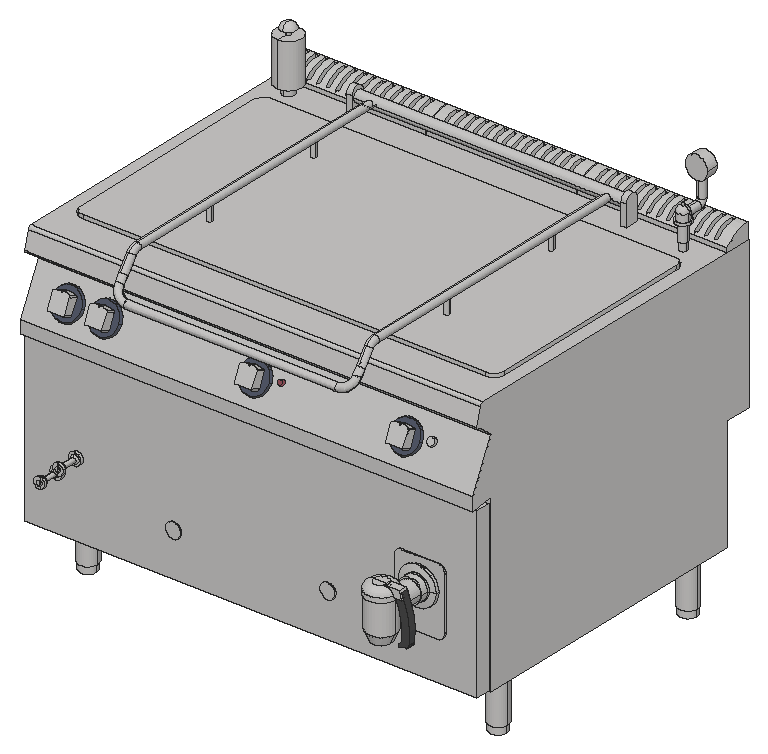
Revit family "QF_ZANUSSI_392105_Z9BSGLIUFE", category Specialty Equipment, Revit 2018
Family settings
  Round Connector Dimension = Use Diameter
  Part Type = Normal
  Work Plane-Based = No
  Always vertical = Yes
  Cut with Voids When Loaded = No
  Shared = No
  Room Calculation Point = No
Parameters
  Width = 1200 mm  # constant formula
  Weight in Pounds = 222  # constant formula
  Weight = 0.00 kg
  Watts = 0 W
  Waste Water Discharge Temperature [instance] = -459.67 °F
  Volts = 230 V  # constant formula
  URL Manufacturer = "http://www.zanussiprofessional.com"
  URL Cutsheet = "www.electrolux.com"
  URL = "http://www.zanussiprofessional.com"
  Type Mark [instance] = ""
  Steam Supply Size = 0"
  Steam Supply Minimum Pressure = 0.00 psi
  Steam Supply Maximum Pressure = 0.00 psi
  Steam Pounds per Hour = 0
  Status [instance] = ""
  Specification by User [instance] = ""
  Specification by Manufacturer = ""
  Show Logo [instance] = yes
  Show Clearance [instance] = yes
  Serial Number = ""
  Seismic Rating = ""
  SMACNA No = ""
  Revision Code [instance] = ""
  Refrigeration Suction Line Size = 0"
  Refrigeration Liquid Line Size = 0"
  Refrigerant Compressor Remote = yes
  Plumbing Remarks [instance] = ""
  Plumbing Connection Type [instance] = ""
  Phase = 1
  Omniclass Number and Title = ""
  Number of Poles [instance] = 1
  NAFEM Spec ID Number = ""
  Model = "Z9BSGLIUFE"
  Min Ckt Ampacity = 0 A
  Mechanical Remarks [instance] = ""
  Mechanical Connection Type [instance] = ""
  Max Overcurrent Protection = 0 A
  Masterspec = ""
  Manufacturer = "Zanussi"
  Length Actual = 1200 mm  # constant formula
  Item Number [instance] = "392105"
  Installed By [instance] = ""
  Indirect Waste Size = 1"
  Indirect Waste Flow [instance] = 0 GPM
  Indirect Waste Connection Type [instance] = ""
  Indirect Waste Connection Height [instance] = 0 mm
  Identify Quantity as Lot [instance] = yes
  Hot Water Temperature [instance] = -459.67 °F
  Hot Water Size = 1/2"
  Hot Water RI Height [instance] = 0 mm
  Hot Water Minimum Pressure = 0.00 psi
  Hot Water Maximum Pressure = 0.00 psi
  Hot Water Flow [instance] = 0 GPM
  Hot Water Consumption = 0 GPM
  Hot Water Connection Height = 0 mm
  Height Actual = 850 mm  # constant formula
  Height = 850 mm  # constant formula
  HP = "0.1 HP"
  Gas Size = 3/4"
  Gas RI Height [instance] = 0 mm
  Gas KW [instance] = 35  # constant formula
  Gas Input [instance] = 119315.0 Btu/h  # constant formula
  Gas Connection Height = 0 mm
  Furnished By [instance] = ""
  Foodservice Equipment Identifier [instance] = yes
  FL Amps = if(Phase = 3, Watts / (Volts * 1.73), Watts / Volts)  # 0 A
  Electrical Remarks [instance] = "230 V/1N ph/50/60 Hz"  # constant formula
  Electric Connection Type [instance] = ""
  Elec Conn RI Height [instance] = 0 mm
  Elec Conn Connection Height [instance] = 0 mm
  Direct Waste Size = 1/2"
  Description = "250LT GAS RECT.BOILING PAN-INDIR.HEATING"
  Depth Actual = 900 mm  # constant formula
  Depth = 915 mm  # constant formula
  Cycle [instance] = if([60 Hertz Option], 60 Hz, 50 Hz)  # 60 Hz
  Conn Plug = ""
  Conn Conduit = yes
  Condensate Return Size = 0"
  Compressed Air Volume = 0 GPM
  Compressed Air Size = 0"
  Compressed Air Pressure = 0.00 psi
  Cold Water Temperature Recommended [instance] = -459.67 °F
  Cold Water Size = 1/2"
  Cold Water RI Height [instance] = 0 mm
  Cold Water Minimum Pressure = 0.00 psi
  Cold Water Maximum Pressure = 0.00 psi
  Cold Water Flow [instance] = 0 GPM
  Cold Water Consumption = ""
  Cold Water Connection Height = 0 mm
  CSI MasterFormat = ""
  CSI Master Format = ""
  Apparent Power = if(Phase = 3, Volts * FL Amps * 1.73, Volts * FL Amps)  # 0 VA
  Accessory = yes
  60 Hertz Option [instance] = not([50 Hertz Option])  # yes
  50 Hertz Option [instance] = no
Reference planes
  plane 1 "BACK": y = 0
  plane 2: z = 0
  plane 3 "LEFT": x = 0
  plane 4 "RIGHT": x = 1200
  plane 5 "FRONT": y = -915
  plane 6 "TOP": z = 850
  plane 7 "Center Y": x = 600
  plane 8 "Center X": y = -457.5
  plane 9: z = 1734
  plane 10: z = 150
  plane 11: y = -130
  plane 12: y = -760
  plane 13: y = -1015
  plane 14: x = 56
  plane 15: x = 1144
  plane 16: x = 1060
  plane 17: x = 100
  plane 18: x = 160
Forms (mm)
  Extrusion 1, solid, material "QF_Finishes_Stainless Steel"
    sketch origin (0, 0, 576.213) x (0, 1, 0) y (0, 0, 1)
      loop
        line (0, -126.175) -> (0, 273.788) -> (-879.358, 273.788)
        arc (-879.358, 273.788) -> (-884.643, 271.598) -> (-886.833, 266.313) r 7.474
        line (-886.833, 266.313) -> (-899.884, 220.798)
        arc (-899.884, 220.798) -> (-899.396, 218.166) -> (-897, 216.971) r 3
        line (-897, 216.971) -> (-886.802, 216.971) -> (-854.982, 185.152) -> (-915, 64.296) -> (-915, 29.296) -> (-858.645, 37.216)
        arc (-858.645, 37.216) -> (-856.101, 36.462) -> (-855, 34.047) r 3.2
        line (-855, 34.047) -> (-855, -426.212) -> (-71.437, -426.212) -> (-71.437, -126.175) -> (0, -126.175)
      loop
        line (-900, 23.788) -> (-900, -421.212) -> (-860, -421.212) -> (-860, 23.788) -> (-900, 23.788)
    from 0 to 1200
  Revolve 2, solid, material "QF_Finishes_Stainless Steel"
    sketch origin (1, -130, 0) x (1, 0, 0) y (0, 0, 1)
      loop
        line (55, 0) -> (55, 150) -> (29.6, 150) -> (29.6, 19.05) -> (32.1, 19.05) -> (32.1, 0) -> (55, 0)
      axis (55, 0) -> (55, 150)
    angle from 0 to 360
  Revolve 3, solid, material "QF_Finishes_Stainless Steel"
    sketch origin (1, -760, 0) x (1, 0, 0) y (0, 0, 1)
      loop
        line (55, 0) -> (55, 150) -> (29.6, 150) -> (29.6, 19.05) -> (32.1, 19.05) -> (32.1, 0) -> (55, 0)
      axis (55, 0) -> (55, 150)
    angle from 0 to 360
  Revolve 4, solid, material "QF_Finishes_Stainless Steel"
    sketch origin (1199, -130, 0) x (-1, 0, 0) y (0, 0, -1)
      loop
        line (55, 0) -> (32.1, 0) -> (32.1, -19.05) -> (29.6, -19.05) -> (29.6, -150) -> (55, -150) -> (55, 0)
      axis (55, 0) -> (55, -150)
    angle from 0 to 360
  Revolve 5, solid, material "QF_Finishes_Stainless Steel"
    sketch origin (1199, -760, 0) x (-1, 0, 0) y (0, 0, -1)
      loop
        line (55, 0) -> (32.1, 0) -> (32.1, -19.05) -> (29.6, -19.05) -> (29.6, -150) -> (55, -150) -> (55, 0)
      axis (55, 0) -> (55, -150)
    angle from 0 to 360
  Extrusion 6, solid, material "QF_Finishes_Stainless Steel"
    sketch origin (0, 0, 560.363) x (0, 1, 0) y (0, 0, 1)
      loop
        line (0, 289.638) -> (0, 331.738)
        arc (0, 331.738) -> (-38.857, 324.552) -> (-69.85, 300.038) r 82.056
        line (-69.85, 300.038) -> (-69.85, 289.638) -> (0, 289.638)
    from 0 to 400
  Extrusion 7, void
    sketch origin (0, 0, 835) x (0, -1, 0) y (1, 0, 0)
      loop
        line (6.761, 29.703) -> (63.911, 29.703) -> (63.911, 38.999) -> (6.761, 38.999) -> (6.761, 29.703)
      loop
        line (63.911, 64.487) -> (6.761, 64.487) -> (6.761, 55.191) -> (63.911, 55.191) -> (63.911, 64.487)
      loop
        line (63.911, 89.975) -> (6.761, 89.975) -> (6.761, 80.68) -> (63.911, 80.68) -> (63.911, 89.975)
      loop
        line (63.911, 115.464) -> (6.761, 115.464) -> (6.761, 106.168) -> (63.911, 106.168) -> (63.911, 115.464)
      loop
        line (63.911, 140.952) -> (6.761, 140.952) -> (6.761, 131.656) -> (63.911, 131.656) -> (63.911, 140.952)
      loop
        line (63.911, 166.44) -> (6.761, 166.44) -> (6.761, 157.145) -> (63.911, 157.145) -> (63.911, 166.44)
      loop
        line (63.911, 191.929) -> (6.761, 191.929) -> (6.761, 182.633) -> (63.911, 182.633) -> (63.911, 191.929)
      loop
        line (63.911, 217.417) -> (6.761, 217.417) -> (6.761, 208.121) -> (63.911, 208.121) -> (63.911, 217.417)
      loop
        line (63.911, 242.905) -> (6.761, 242.905) -> (6.761, 233.61) -> (63.911, 233.61) -> (63.911, 242.905)
      loop
        line (63.911, 268.394) -> (6.761, 268.394) -> (6.761, 259.098) -> (63.911, 259.098) -> (63.911, 268.394)
      loop
        line (63.911, 293.882) -> (6.761, 293.882) -> (6.761, 284.586) -> (63.911, 284.586) -> (63.911, 293.882)
      loop
        line (63.911, 319.37) -> (6.761, 319.37) -> (6.761, 310.075) -> (63.911, 310.075) -> (63.911, 319.37)
      loop
        line (63.911, 344.859) -> (6.761, 344.859) -> (6.761, 335.563) -> (63.911, 335.563) -> (63.911, 344.859)
      loop
        line (63.911, 370.347) -> (6.761, 370.347) -> (6.761, 361.051) -> (63.911, 361.051) -> (63.911, 370.347)
    from 25.4 to 63.5
  Extrusion 8, solid, material "QF_Finishes_Red"
    sketch origin (351.939, -909.714, 651.153) x (0, 0.444781, 0.895639) y (-1, 0, 0)
      loop
        circle (65.471, -315.169) r 6.35
    from 0 to 6
  Extrusion 9, solid, material "QF_Finishes_Stainless Steel"
    sketch origin (0, -900, 592.071) x (0, 0, 1) y (-1, 0, 0)
      loop
        circle (-320.2, -394.973) r 20
      loop
        circle (-320.2, -805.027) r 20
    from 0 to 1.6
  Extrusion 10, solid, material "QF_Finishes_Stainless Steel"
    sketch origin (650, -900, 592.071) x (0, 0, 1) y (-1, 0, 0)
      loop
        arc (-150.774, -353.125) -> (-156.632, -338.983) -> (-170.774, -333.125) r 20
        line (-170.774, -333.125) -> (-310.774, -333.125)
        arc (-310.774, -333.125) -> (-324.916, -338.983) -> (-330.774, -353.125) r 20
        line (-330.774, -353.125) -> (-330.774, -446.875)
        arc (-330.774, -446.875) -> (-324.916, -461.017) -> (-310.774, -466.875) r 20
        line (-310.774, -466.875) -> (-170.774, -466.875)
        arc (-170.774, -466.875) -> (-156.632, -461.017) -> (-150.774, -446.875) r 20
        line (-150.774, -446.875) -> (-150.774, -353.125)
    from 0 to 3.2
  Revolve 11, solid, material "QF_Finishes_Stainless Steel"
    sketch origin (700, -142.372, 373.218) x (1, 0, 0) y (0, 1, 0)
      loop
        line (350, -760.828) -> (350, -864.845) -> (377.31, -864.845) -> (377.31, -792.326) -> (381.52, -792.326) -> (381.52, -773.802) -> (383.56, -773.802) -> (383.56, -770.903) -> (400.479, -767.307) -> (400.479, -760.828) -> (350, -760.828)
      axis (350, -864.845) -> (350, -760.828)
    angle from 0 to 360
  Revolve 12, solid, material "QF_Finishes_Stainless Steel"
    sketch origin (700, -1029.961, -175.451) x (1, 0, 0) y (0, 0, 1)
      loop
        line (387.487, 584.414) -> (391.109, 584.414) -> (391.109, 596.458)
        arc (391.109, 596.458) -> (383.595, 608.72) -> (370.039, 613.521) r 21.541
        line (370.039, 613.521) -> (350, 613.521) -> (350, 475.451) -> (376.476, 475.451) -> (387.487, 500.451) -> (387.487, 584.414)
      axis (350, 475.451) -> (350, 613.521)
    angle from 0 to 360
  Extrusion 13, solid, material "QF_Finishes_Black"
    sketch origin (650, -944.961, 35) x (1, 0, 0) y (0, 0, 1)
      loop
        arc (462.072, 282.761) -> (458.739, 279.204) -> (454.343, 277.096) r 13.226
        arc (454.343, 277.096) -> (451.562, 273.099) -> (455.036, 269.686) r 3.774
        line (455.036, 269.686) -> (472.172, 272.033)
        arc (472.172, 272.033) -> (478.889, 276.04) -> (480.667, 283.655) r 10
        arc (480.667, 283.655) -> (479.826, 343.081) -> (460.542, 399.297) r 188.693
        line (460.542, 399.297) -> (438.183, 399.297)
        arc (438.183, 399.297) -> (458.444, 342.734) -> (462.072, 282.761) r 212.616
    from 77.064 to 92.936
  Extrusion 14, solid, material "QF_Finishes_Stainless Steel"
    sketch origin (650, -944.961, 35) x (1, 0, 0) y (0, 0, 1)
      loop
        line (436.837, 382.461) -> (463.876, 382.461)
        arc (463.876, 382.461) -> (461.091, 393.228) -> (456.741, 403.464) r 74.823
        line (456.741, 403.464) -> (415.663, 403.464)
        arc (415.663, 403.464) -> (428.508, 395.239) -> (436.837, 382.461) r 36.276
    from 74.362 to 95.975
  Revolve 15, solid, material "QF_Finishes_Stainless Steel"
    sketch origin (138.599, -14.961, -92.295) x (0, 1, 0) y (0, 0, 1)
      loop
        line (-885, 446.296) -> (-950.345, 446.296) -> (-950.345, 440.585) -> (-947.863, 440.585) -> (-947.863, 431.892) -> (-942.863, 431.892) -> (-942.863, 435.145) -> (-937.863, 435.145) -> (-937.863, 440.585) -> (-897.544, 440.585)
        arc (-897.544, 440.585) -> (-895.281, 437.945) -> (-892.228, 436.28) r 9.637
        line (-892.228, 436.28) -> (-892.228, 429.925) -> (-885, 429.925) -> (-885, 446.296)
      axis (-950.345, 446.296) -> (-885, 446.296)
    angle from 0 to 360
  Revolve 16, solid, material "QF_Finishes_Stainless Steel"
    sketch origin (89.102, -14.961, -141.793) x (0, 1, 0) y (0, 0, 1)
      loop
        line (-885, 446.296) -> (-950.345, 446.296) -> (-950.345, 440.585) -> (-947.863, 440.585) -> (-947.863, 431.892) -> (-942.863, 431.892) -> (-942.863, 435.145) -> (-937.863, 435.145) -> (-937.863, 440.585) -> (-897.544, 440.585)
        arc (-897.544, 440.585) -> (-895.281, 437.945) -> (-892.228, 436.28) r 9.637
        line (-892.228, 436.28) -> (-892.228, 429.925) -> (-885, 429.925) -> (-885, 446.296)
      axis (-950.345, 446.296) -> (-885, 446.296)
    angle from 0 to 360
  Extrusion 17, solid, material "QF_Finishes_Stainless Steel"
    sketch origin (400, 0, 560.363) x (0, 1, 0) y (0, 0, 1)
      loop
        line (0, 289.638) -> (0, 331.738)
        arc (0, 331.738) -> (-38.857, 324.552) -> (-69.85, 300.038) r 82.056
        line (-69.85, 300.038) -> (-69.85, 289.638) -> (0, 289.638)
    from 0 to 400
  Extrusion 18, void
    sketch origin (400, 0, 835) x (0, -1, 0) y (1, 0, 0)
      loop
        line (6.761, 29.703) -> (63.911, 29.703) -> (63.911, 38.999) -> (6.761, 38.999) -> (6.761, 29.703)
      loop
        line (63.911, 64.487) -> (6.761, 64.487) -> (6.761, 55.191) -> (63.911, 55.191) -> (63.911, 64.487)
      loop
        line (63.911, 89.975) -> (6.761, 89.975) -> (6.761, 80.68) -> (63.911, 80.68) -> (63.911, 89.975)
      loop
        line (63.911, 115.464) -> (6.761, 115.464) -> (6.761, 106.168) -> (63.911, 106.168) -> (63.911, 115.464)
      loop
        line (63.911, 140.952) -> (6.761, 140.952) -> (6.761, 131.656) -> (63.911, 131.656) -> (63.911, 140.952)
      loop
        line (63.911, 166.44) -> (6.761, 166.44) -> (6.761, 157.145) -> (63.911, 157.145) -> (63.911, 166.44)
      loop
        line (63.911, 191.929) -> (6.761, 191.929) -> (6.761, 182.633) -> (63.911, 182.633) -> (63.911, 191.929)
      loop
        line (63.911, 217.417) -> (6.761, 217.417) -> (6.761, 208.121) -> (63.911, 208.121) -> (63.911, 217.417)
      loop
        line (63.911, 242.905) -> (6.761, 242.905) -> (6.761, 233.61) -> (63.911, 233.61) -> (63.911, 242.905)
      loop
        line (63.911, 268.394) -> (6.761, 268.394) -> (6.761, 259.098) -> (63.911, 259.098) -> (63.911, 268.394)
      loop
        line (63.911, 293.882) -> (6.761, 293.882) -> (6.761, 284.586) -> (63.911, 284.586) -> (63.911, 293.882)
      loop
        line (63.911, 319.37) -> (6.761, 319.37) -> (6.761, 310.075) -> (63.911, 310.075) -> (63.911, 319.37)
      loop
        line (63.911, 344.859) -> (6.761, 344.859) -> (6.761, 335.563) -> (63.911, 335.563) -> (63.911, 344.859)
      loop
        line (63.911, 370.347) -> (6.761, 370.347) -> (6.761, 361.051) -> (63.911, 361.051) -> (63.911, 370.347)
    from 25.4 to 63.5
  Extrusion 19, solid, material "QF_Finishes_Stainless Steel"
    sketch origin (800, 0, 560.363) x (0, 1, 0) y (0, 0, 1)
      loop
        line (0, 289.638) -> (0, 331.738)
        arc (0, 331.738) -> (-38.857, 324.552) -> (-69.85, 300.038) r 82.056
        line (-69.85, 300.038) -> (-69.85, 289.638) -> (0, 289.638)
    from 0 to 400
  Extrusion 20, void
    sketch origin (800, 0, 835) x (0, -1, 0) y (1, 0, 0)
      loop
        line (6.761, 29.703) -> (63.911, 29.703) -> (63.911, 38.999) -> (6.761, 38.999) -> (6.761, 29.703)
      loop
        line (63.911, 64.487) -> (6.761, 64.487) -> (6.761, 55.191) -> (63.911, 55.191) -> (63.911, 64.487)
      loop
        line (63.911, 89.975) -> (6.761, 89.975) -> (6.761, 80.68) -> (63.911, 80.68) -> (63.911, 89.975)
      loop
        line (63.911, 115.464) -> (6.761, 115.464) -> (6.761, 106.168) -> (63.911, 106.168) -> (63.911, 115.464)
      loop
        line (63.911, 140.952) -> (6.761, 140.952) -> (6.761, 131.656) -> (63.911, 131.656) -> (63.911, 140.952)
      loop
        line (63.911, 166.44) -> (6.761, 166.44) -> (6.761, 157.145) -> (63.911, 157.145) -> (63.911, 166.44)
      loop
        line (63.911, 191.929) -> (6.761, 191.929) -> (6.761, 182.633) -> (63.911, 182.633) -> (63.911, 191.929)
      loop
        line (63.911, 217.417) -> (6.761, 217.417) -> (6.761, 208.121) -> (63.911, 208.121) -> (63.911, 217.417)
      loop
        line (63.911, 242.905) -> (6.761, 242.905) -> (6.761, 233.61) -> (63.911, 233.61) -> (63.911, 242.905)
      loop
        line (63.911, 268.394) -> (6.761, 268.394) -> (6.761, 259.098) -> (63.911, 259.098) -> (63.911, 268.394)
      loop
        line (63.911, 293.882) -> (6.761, 293.882) -> (6.761, 284.586) -> (63.911, 284.586) -> (63.911, 293.882)
      loop
        line (63.911, 319.37) -> (6.761, 319.37) -> (6.761, 310.075) -> (63.911, 310.075) -> (63.911, 319.37)
      loop
        line (63.911, 344.859) -> (6.761, 344.859) -> (6.761, 335.563) -> (63.911, 335.563) -> (63.911, 344.859)
      loop
        line (63.911, 370.347) -> (6.761, 370.347) -> (6.761, 361.051) -> (63.911, 361.051) -> (63.911, 370.347)
    from 25.4 to 63.5
  Extrusion 21, solid, material "QF_Finishes_Stainless Steel"
    sketch origin (771.071, 3.488, 39.209) x (0, 1, 0) y (0, 0, -1)
      loop
        line (-86.2, -810.791) -> (-120.988, -810.791) -> (-120.988, -867.861)
        arc (-120.988, -867.861) -> (-103.594, -885.255) -> (-86.2, -867.861) r 17.394
        line (-86.2, -867.861) -> (-86.2, -810.791)
    from 527.978 to 542.561
  Extrusion 22, solid, material "QF_Finishes_Stainless Steel"
    sketch origin (428.929, 3.488, 39.209) x (0, 1, 0) y (0, 0, 1)
      loop
        line (-86.2, 810.791) -> (-86.2, 867.861)
        arc (-86.2, 867.861) -> (-103.594, 885.255) -> (-120.988, 867.861) r 17.394
        line (-120.988, 867.861) -> (-120.988, 810.791) -> (-86.2, 810.791)
    from 527.978 to 542.561
  Extrusion 23, void
    sketch origin (0, 0, 0) x (1, 0, 0) y (0, 1, 0)
      loop
        line (46.71, -190.49) -> (46.71, -760.931)
        arc (46.71, -760.931) -> (52.568, -775.073) -> (66.71, -780.931) r 20
        line (66.71, -780.931) -> (1133.29, -780.931)
        arc (1133.29, -780.931) -> (1147.432, -775.073) -> (1153.29, -760.931) r 20
        line (1153.29, -760.931) -> (1153.29, -190.49)
        arc (1153.29, -190.49) -> (1147.432, -176.348) -> (1133.29, -170.49) r 20
        line (1133.29, -170.49) -> (66.71, -170.49)
        arc (66.71, -170.49) -> (52.568, -176.348) -> (46.71, -190.49) r 20
    from 449 to 830.033
  Extrusion 24, void
    sketch origin (0, 0, 0) x (1, 0, 0) y (0, 1, 0)
      loop
        arc (66.71, -158.49) -> (44.082, -167.862) -> (34.71, -190.49) r 32
        line (34.71, -190.49) -> (34.71, -760.931)
        arc (34.71, -760.931) -> (44.082, -783.558) -> (66.71, -792.931) r 32
        line (66.71, -792.931) -> (1133.29, -792.931)
        arc (1133.29, -792.931) -> (1155.918, -783.558) -> (1165.29, -760.931) r 32
        line (1165.29, -760.931) -> (1165.29, -190.49)
        arc (1165.29, -190.49) -> (1155.918, -167.862) -> (1133.29, -158.49) r 32
        line (1133.29, -158.49) -> (66.71, -158.49)
    from 830.033 to 850
  Extrusion 25, solid, material "QF_Finishes_Stainless Steel"
    sketch origin (0, 0, 830.033) x (1, 0, 0) y (0, 1, 0)
      loop
        arc (66.71, -162.49) -> (46.911, -170.691) -> (38.71, -190.49) r 28
        line (38.71, -190.49) -> (38.71, -760.931)
        arc (38.71, -760.931) -> (46.911, -780.73) -> (66.71, -788.931) r 28
        line (66.71, -788.931) -> (1133.29, -788.931)
        arc (1133.29, -788.931) -> (1153.089, -780.73) -> (1161.29, -760.931) r 28
        line (1161.29, -760.931) -> (1161.29, -190.49)
        arc (1161.29, -190.49) -> (1153.089, -170.691) -> (1133.29, -162.49) r 28
        line (1133.29, -162.49) -> (66.71, -162.49)
    from 0 to 27.767
  Extrusion 26, solid, material "QF_Finishes_Stainless Steel"
    sketch origin (45, 3.488, -26.168) x (0, 1, 0) y (0, 0, 1)
      loop
        circle (-103.594, 927.13) r 15
    from 198.093 to 911.907
  Sweep 27, solid, material "QF_Finishes_Stainless Steel"
    path origin (0, 0, 0) x (0, 1, 0) y (0, 0, 1)
      loop
        line (-100.106, 900.961) -> (-882.203, 900.961)
        arc (-882.203, 900.961) -> (-893.553, 898.236) -> (-902.428, 890.656) r 25
        line (-902.428, 890.656) -> (-928.879, 854.25)
    profile origin (0, -491.154, 900.961) x (0, 0, -1) y (1, 0, 0)
      loop
        circle (0, 284.79) r 9.5
      loop
        circle (0, 915.21) r 9.5
  Sweep 28, solid, material "QF_Finishes_Stainless Steel"
    path origin (0, -1437.357, 154.39) x (1, 0, 0) y (0, 0.587785, 0.809017)
      loop
        line (284.79, 865.075) -> (284.79, 845.075)
        arc (284.79, 845.075) -> (295.041, 820.326) -> (319.79, 810.075) r 35
        line (319.79, 810.075) -> (880.21, 810.075)
        arc (880.21, 810.075) -> (904.959, 820.326) -> (915.21, 845.075) r 35
        line (915.21, 845.075) -> (915.21, 865.075)
    profile origin (600, -961.207, 809.754) x (0, 0.587785, 0.809017) y (0, -0.809017, 0.587785)
      loop
        circle (0, 0) r 9.5
  Extrusion 29, solid, material "QF_Finishes_Stainless Steel"
    sketch origin (0, 0, 857.8) x (1, 0, 0) y (0, 1, 0)
      loop
        circle (284.79, -643.128) r 6
      loop
        circle (915.21, -643.128) r 6
      loop
        circle (284.79, -296.872) r 6
      loop
        circle (915.21, -296.872) r 6
    from 0 to 43.897
  Extrusion 30, solid, material "QF_Clearances", visible <- "Show Clearance", detail levels coarse
    sketch origin (0, -143.767, 786.306) x (1, 0, 0) y (0, 0.249903, -0.968271)
      loop
        arc (66.71, -162.49) -> (46.911, -170.691) -> (38.71, -190.49) r 28
        line (38.71, -190.49) -> (38.71, -760.931)
        arc (38.71, -760.931) -> (46.911, -780.73) -> (66.71, -788.931) r 28
        line (66.71, -788.931) -> (1133.29, -788.931)
        arc (1133.29, -788.931) -> (1153.089, -780.73) -> (1161.29, -760.931) r 28
        line (1161.29, -760.931) -> (1161.29, -190.49)
        arc (1161.29, -190.49) -> (1153.089, -170.691) -> (1133.29, -162.49) r 28
        line (1133.29, -162.49) -> (66.71, -162.49)
    from 0 to 27.767
  Sweep 31, solid, material "QF_Clearances", visible <- "Show Clearance", detail levels coarse
    path origin (0, -947.464, 578.878) x (0, 0.249903, -0.968271) y (0, 0.968271, 0.249903)
      loop
        line (-98.232, 908.223) -> (-895.328, 908.223)
        arc (-895.328, 908.223) -> (-906.678, 905.498) -> (-915.554, 897.918) r 25
        line (-915.554, 897.918) -> (-942.004, 861.512)
    profile origin (0, -192.205, 1286.864) x (0, -0.968271, -0.249903) y (1, 0, 0)
      loop
        circle (0, 284.79) r 9.5
      loop
        circle (0, 915.21) r 9.5
  Sweep 32, solid, material "QF_Clearances", visible <- "Show Clearance", detail levels coarse
    path origin (0, -1160.921, 2023.736) x (1, 0, 0) y (0, 0.930237, -0.36696)
      loop
        line (284.79, 865.075) -> (284.79, 845.075)
        arc (284.79, 845.075) -> (295.041, 820.326) -> (319.79, 810.075) r 35
        line (319.79, 810.075) -> (880.21, 810.075)
        arc (880.21, 810.075) -> (904.959, 820.326) -> (915.21, 845.075) r 35
        line (915.21, 845.075) -> (915.21, 865.075)
    profile origin (600, -407.359, 1726.471) x (0, 0.930237, -0.36696) y (0, 0.36696, 0.930237)
      loop
        circle (0, 0) r 9.5
  Extrusion 33, solid, material "QF_Clearances", visible <- "Show Clearance", detail levels coarse
    sketch origin (0, -116.881, 793.245) x (1, 0, 0) y (0, 0.249903, -0.968271)
      loop
        circle (284.79, -643.128) r 6
      loop
        circle (915.21, -643.128) r 6
      loop
        circle (284.79, -296.872) r 6
      loop
        circle (915.21, -296.872) r 6
    from 0 to 43.897
  Revolve 34, solid, material "QF_Finishes_Stainless Steel"
    sketch origin (67.5, 0, 0) x (0, 1, 0) y (0, 0, 1)
      loop
        line (-110, 850) -> (-110, 1020)
        arc (-110, 1020) -> (-122.5, 1015.833) -> (-130, 1005) r 20.833
        line (-130, 1005) -> (-115, 1005) -> (-115, 990) -> (-145, 990) -> (-145, 875) -> (-125, 875) -> (-125, 850) -> (-110, 850)
      axis (-110, 850) -> (-110, 1020)
    angle from 0 to 360
  Revolve 35, solid, material "QF_Finishes_Stainless Steel"
    sketch origin (-5, -115, 0) x (1, 0, 0) y (0, 0, 1)
      loop
        line (1124, 850) -> (1134, 850) -> (1134, 871.175) -> (1135.563, 871.175) -> (1135.563, 916.175) -> (1144, 916.175) -> (1144, 921.175) -> (1139, 921.175) -> (1139, 939.925)
        arc (1139, 939.925) -> (1135.372, 949.706) -> (1126.244, 954.756) r 15
        line (1126.244, 954.756) -> (1126.244, 960) -> (1124, 960) -> (1124, 850)
      axis (1124, 850) -> (1124, 960)
    angle from 0 to 360
  Sweep 36, solid, material "QF_Finishes_Stainless Steel"
    path origin (1119, 0, 0) x (0, 1, 0) y (0, 0, 1)
      loop
        line (-115.106, 932.5) -> (-67.659, 932.5)
        arc (-67.659, 932.5) -> (-57.052, 936.893) -> (-52.659, 947.5) r 15
        line (-52.659, 947.5) -> (-52.659, 997.5)
    profile origin (1119, -91.383, 932.5) x (0, 0, 1) y (1, 0, 0)
      loop
        circle (0, 0) r 10
  Extrusion 37, solid, material "QF_Finishes_Stainless Steel"
    sketch origin (0, 0, 0) x (1, 0, 0) y (0, 0, 1)
      loop
        circle (1119, 1024.375) r 30
    from 40.421 to 69.85
  Extrusion 38, solid, material "QF_Finishes_Stainless Steel"
    sketch origin (0, -836.569, 150) x (1, 0, 0) y (0, -1, 0)
      loop
        circle (1060, -32.269) r 6.35
    from 0 to 13
  Extrusion 39, solid, material "QF_Finishes_Stainless Steel"
    sketch origin (0, -836.569, 150) x (1, 0, 0) y (0, -1, 0)
      loop
        circle (100, -132.269) r 9.525
      loop
        circle (160, -32.269) r 9.525
      loop
        circle (140, -102.269) r 12.7
    from 0 to 13
  Extrusion 40, solid, material "QF_Clearances", visible <- "Show Clearance", detail levels coarse
    sketch origin (0, 0, 0) x (1, 0, 0) y (0, 1, 0)
      loop
        line (0, -915) -> (0, 0) -> (1200, 0) -> (1200, -915) -> (1250, -915) -> (1250, 50) -> (-50, 50) -> (-50, -915) -> (0, -915)
    from 0 to 892.1
  Extrusion 41, solid, material "QF_Plastic-Black-Matte"
    sketch origin (44.957, -884.991, 700.936) x (0, 0.444781, 0.895639) y (0, 0.895639, -0.444781)
      loop
        line (26.984, -34) -> (23.984, -34) -> (23.984, -35) -> (26.984, -35)
        arc (26.984, -35) -> (27.691, -34.707) -> (27.984, -34) r 1
        line (27.984, -34) -> (27.984, -19) -> (26.984, -19) -> (26.984, -34)
    from -58.5 to -56.5
  Extrusion 42, solid, material "QF_Finishes_Stainless Steel"
    sketch origin (102.457, -884.991, 700.936) x (-1, 0, 0) y (0, -0.444781, -0.895639)
      loop
        line (17.5, -17.5) -> (17.5, 17.5) -> (-17.5, 17.5) -> (-17.5, -17.5) -> (17.5, -17.5)
    from 5 to 10
  Extrusion 43, solid, material "QF_Finishes_Stainless Steel"
    sketch origin (102.457, -884.991, 700.936) x (-1, 0, 0) y (0, -0.444781, -0.895639)
      loop
        arc (-21.147, -22.789) -> (0, -26.984) -> (21.147, -22.789) r 55.4
        arc (21.147, -22.789) -> (22.494, -21.685) -> (23, -20.019) r 2.997
        line (23, -20.019) -> (23, 20.019)
        arc (23, 20.019) -> (22.122, 22.138) -> (20.003, 23.016) r 2.997
        line (20.003, 23.016) -> (-20.003, 23.016)
        arc (-20.003, 23.016) -> (-22.122, 22.138) -> (-23, 20.019) r 2.997
        line (-23, 20.019) -> (-23, -20.019)
        arc (-23, -20.019) -> (-22.494, -21.685) -> (-21.147, -22.789) r 2.997
    from 10 to 34
  Blend 44, solid, material "QF_Finishes_Navy Blue"
    base sketch origin (102.457, -884.991, 700.936) x (1, 0, 0) y (0, 0.444781, 0.895639)
      loop
        circle (0, 0) r 42.5
    top sketch origin (102.457, -884.991, 700.936) x (1, 0, 0) y (0, 0.444781, 0.895639)
      loop
        circle (0, 0) r 40.5
    from 0 to 5
  Blend 45, solid, material "QF_Finishes_Navy Blue"
    base sketch origin (600, -884.991, 700.936) x (1, 0, 0) y (0, 0.444781, 0.895639)
      loop
        circle (0, 0) r 42.5
    top sketch origin (600, -884.991, 700.936) x (1, 0, 0) y (0, 0.444781, 0.895639)
      loop
        circle (0, 0) r 40.5
    from 0 to 5
  Extrusion 46, solid, material "QF_Finishes_Stainless Steel"
    sketch origin (600, -884.991, 700.936) x (1, 0, 0) y (0, 0.444781, 0.895639)
      loop
        arc (-21.147, 22.789) -> (-22.494, 21.685) -> (-23, 20.019) r 2.997
        line (-23, 20.019) -> (-23, -20.019)
        arc (-23, -20.019) -> (-22.122, -22.138) -> (-20.003, -23.016) r 2.997
        line (-20.003, -23.016) -> (20.003, -23.016)
        arc (20.003, -23.016) -> (22.122, -22.138) -> (23, -20.019) r 2.997
        line (23, -20.019) -> (23, 20.019)
        arc (23, 20.019) -> (22.494, 21.685) -> (21.147, 22.789) r 2.997
        arc (21.147, 22.789) -> (0, 26.984) -> (-21.147, 22.789) r 55.4
    from 10 to 34
  Extrusion 47, solid, material "QF_Finishes_Stainless Steel"
    sketch origin (600, -884.991, 700.936) x (1, 0, 0) y (0, 0.444781, 0.895639)
      loop
        line (17.5, 17.5) -> (-17.5, 17.5) -> (-17.5, -17.5) -> (17.5, -17.5) -> (17.5, 17.5)
    from 5 to 10
  Extrusion 48, solid, material "QF_Plastic-Black-Matte"
    sketch origin (542.5, -884.991, 701.574) x (0, 0.444781, 0.895639) y (0, 0.895639, -0.444781)
      loop
        line (26.413, -33.716) -> (23.413, -33.716) -> (23.413, -34.716) -> (26.413, -34.716)
        arc (26.413, -34.716) -> (27.12, -34.424) -> (27.413, -33.716) r 1
        line (27.413, -33.716) -> (27.413, -18.716) -> (26.413, -18.716) -> (26.413, -33.716)
    from -58.5 to -56.5
  Extrusion 49, solid, material "QF_Plastic-Black-Matte"
    sketch origin (144.286, -884.991, 700.936) x (0, 0.444781, 0.895639) y (0, 0.895639, -0.444781)
      loop
        line (26.984, -34) -> (23.984, -34) -> (23.984, -35) -> (26.984, -35)
        arc (26.984, -35) -> (27.691, -34.707) -> (27.984, -34) r 1
        line (27.984, -34) -> (27.984, -19) -> (26.984, -19) -> (26.984, -34)
    from -58.5 to -56.5
  Extrusion 50, solid, material "QF_Finishes_Stainless Steel"
    sketch origin (201.786, -884.991, 700.936) x (-1, 0, 0) y (0, -0.444781, -0.895639)
      loop
        line (17.5, -17.5) -> (17.5, 17.5) -> (-17.5, 17.5) -> (-17.5, -17.5) -> (17.5, -17.5)
    from 5 to 10
  Extrusion 51, solid, material "QF_Finishes_Stainless Steel"
    sketch origin (201.786, -884.991, 700.936) x (-1, 0, 0) y (0, -0.444781, -0.895639)
      loop
        arc (-21.147, -22.789) -> (0, -26.984) -> (21.147, -22.789) r 55.4
        arc (21.147, -22.789) -> (22.494, -21.685) -> (23, -20.019) r 2.997
        line (23, -20.019) -> (23, 20.019)
        arc (23, 20.019) -> (22.122, 22.138) -> (20.003, 23.016) r 2.997
        line (20.003, 23.016) -> (-20.003, 23.016)
        arc (-20.003, 23.016) -> (-22.122, 22.138) -> (-23, 20.019) r 2.997
        line (-23, 20.019) -> (-23, -20.019)
        arc (-23, -20.019) -> (-22.494, -21.685) -> (-21.147, -22.789) r 2.997
    from 10 to 34
  Blend 52, solid, material "QF_Finishes_Navy Blue"
    base sketch origin (201.786, -884.991, 700.936) x (1, 0, 0) y (0, 0.444781, 0.895639)
      loop
        circle (0, 0) r 42.5
    top sketch origin (201.786, -884.991, 700.936) x (1, 0, 0) y (0, 0.444781, 0.895639)
      loop
        circle (0, 0) r 40.5
    from 0 to 5
  Blend 53, solid, material "QF_Finishes_Navy Blue"
    base sketch origin (1000, -884.991, 700.936) x (1, 0, 0) y (0, 0.444781, 0.895639)
      loop
        circle (0, 0) r 42.5
    top sketch origin (1000, -884.991, 700.936) x (1, 0, 0) y (0, 0.444781, 0.895639)
      loop
        circle (0, 0) r 40.5
    from 0 to 5
  Extrusion 54, solid, material "QF_Finishes_Stainless Steel"
    sketch origin (1000, -884.991, 700.936) x (1, 0, 0) y (0, 0.444781, 0.895639)
      loop
        arc (-21.147, 22.789) -> (-22.494, 21.685) -> (-23, 20.019) r 2.997
        line (-23, 20.019) -> (-23, -20.019)
        arc (-23, -20.019) -> (-22.122, -22.138) -> (-20.003, -23.016) r 2.997
        line (-20.003, -23.016) -> (20.003, -23.016)
        arc (20.003, -23.016) -> (22.122, -22.138) -> (23, -20.019) r 2.997
        line (23, -20.019) -> (23, 20.019)
        arc (23, 20.019) -> (22.494, 21.685) -> (21.147, 22.789) r 2.997
        arc (21.147, 22.789) -> (0, 26.984) -> (-21.147, 22.789) r 55.4
    from 10 to 34
  Extrusion 55, solid, material "QF_Finishes_Stainless Steel"
    sketch origin (1000, -884.991, 700.936) x (1, 0, 0) y (0, 0.444781, 0.895639)
      loop
        line (17.5, 17.5) -> (-17.5, 17.5) -> (-17.5, -17.5) -> (17.5, -17.5) -> (17.5, 17.5)
    from 5 to 10
  Extrusion 56, solid, material "QF_Plastic-Black-Matte"
    sketch origin (942.5, -884.991, 701.574) x (0, 0.444781, 0.895639) y (0, 0.895639, -0.444781)
      loop
        line (26.413, -33.716) -> (23.413, -33.716) -> (23.413, -34.716) -> (26.413, -34.716)
        arc (26.413, -34.716) -> (27.12, -34.424) -> (27.413, -33.716) r 1
        line (27.413, -33.716) -> (27.413, -18.716) -> (26.413, -18.716) -> (26.413, -33.716)
    from -58.5 to -56.5
  Extrusion 57, solid, material "QF_Finishes_Stainless Steel"
    sketch origin (751.939, -909.714, 651.153) x (0, 0.444781, 0.895639) y (-1, 0, 0)
      loop
        circle (65.471, -315.169) r 10
    from 0 to 6
Cuts and joins
  Extrusion 7, Extrusion 18 cuts Extrusion 6
  Extrusion 18, Extrusion 20 cuts Extrusion 17
  Extrusion 20 cuts Extrusion 19
  Extrusion 23, Extrusion 24 cuts Extrusion 1
  joined: Sweep 27, Sweep 28
Lines and regions (mm)
  Split face 1
    outline origin (0, -69.85, 0) x (1, 0, 0) y (0, 0, 1)
      loop
        circle (1119, 1024.375) r 27.37
  Split face 2
    outline origin (102.457, -889.469, 703.16) x (1, 0, 0) y (0, 0.444781, 0.895639)
      loop
        arc (-0.521, 36.501) -> (-26.491, 26.394) -> (-37.708, 0.884) r 36.411
        line (-37.708, 0.884) -> (-31.708, 0.884)
        arc (-31.708, 0.884) -> (-21.998, 23.844) -> (-0.521, 36.501) r 39.733
  Split face 3
    outline origin (102.457, -889.469, 703.16) x (1, 0, 0) y (0, 0.444781, 0.895639)
      loop
        circle (-30.633, -14.752) r 1.5
  Split face 4
    outline origin (102.457, -889.469, 703.16) x (1, 0, 0) y (0, 0.444781, 0.895639)
      loop
        circle (-21.199, -26.582) r 1.5
  Split face 5
    outline origin (102.457, -889.469, 703.16) x (1, 0, 0) y (0, 0.444781, 0.895639)
      loop
        circle (-7.566, -33.148) r 1.5
  Split face 6
    outline origin (102.457, -889.469, 703.16) x (1, 0, 0) y (0, 0.444781, 0.895639)
      loop
        circle (7.566, -33.148) r 1.5
  Split face 7
    outline origin (102.457, -889.469, 703.16) x (1, 0, 0) y (0, 0.444781, 0.895639)
      loop
        circle (21.199, -26.582) r 1.5
  Split face 8
    outline origin (102.457, -889.469, 703.16) x (1, 0, 0) y (0, 0.444781, 0.895639)
      loop
        circle (30.633, -14.752) r 1.5
  Split face 9
    outline origin (102.457, -889.469, 703.16) x (1, 0, 0) y (0, 0.444781, 0.895639)
      loop
        circle (34, 0) r 1.5
  Split face 10
    outline origin (102.457, -889.469, 703.16) x (1, 0, 0) y (0, -0.444781, -0.895639)
      loop
        circle (30.633, -14.752) r 1.5
  Split face 11
    outline origin (102.457, -889.469, 703.16) x (1, 0, 0) y (0, -0.444781, -0.895639)
      loop
        circle (21.199, -26.582) r 1.5
  Split face 12
    outline origin (605.901, -889.469, 703.16) x (1, 0, 0) y (0, 0.444781, 0.895639)
      loop
        line (-8.901, 38.561) -> (-8.901, 28.561) -> (-2.901, 28.561) -> (-2.901, 38.561) -> (-8.901, 38.561)
  Split face 13
    outline origin (605.901, -889.469, 703.16) x (1, 0, 0) y (0, 0.444781, 0.895639)
      loop
        line (-8.401, 38.061) -> (-8.401, 29.061) -> (-3.401, 29.061) -> (-3.401, 38.061) -> (-8.401, 38.061)
  Split face 14
    outline origin (605.901, -889.469, 703.16) x (1, 0, 0) y (0, 0.444781, 0.895639)
      loop
        line (-8.401, 34.061) -> (-3.401, 34.061)
  Split face 15
    outline origin (605.901, -889.469, 703.16) x (1, 0, 0) y (0, 0.444781, 0.895639)
      loop
        line (-8.401, 33.561) -> (-3.401, 33.561)
  Split face 16
    outline origin (605.901, -889.469, 703.16) x (1, 0, 0) y (0, 0.444781, 0.895639)
      loop
        circle (-5.901, 31.311) r 2.029
  Split face 17
    outline origin (600, -889.469, 703.16) x (1, 0, 0) y (0, 0.444781, 0.895639)
      loop
        circle (-33, 0) r 3
  Split face 18
    outline origin (625.657, -875.159, 731.975) x (-1, 0, 0) y (0, -0.444781, -0.895639)
      loop
        circle (43.456, 61.543) r 1.5
  Split face 19
    outline origin (600, -889.469, 703.16) x (1, 0, 0) y (0, 0.444781, 0.895639)
      loop
        circle (-24.487, 26.694) r 3.497
  Split face 20
    outline origin (201.786, -889.469, 703.16) x (1, 0, 0) y (0, 0.444781, 0.895639)
      loop
        arc (-0.521, 36.501) -> (-26.491, 26.394) -> (-37.708, 0.884) r 36.411
        line (-37.708, 0.884) -> (-31.708, 0.884)
        arc (-31.708, 0.884) -> (-21.998, 23.844) -> (-0.521, 36.501) r 39.733
  Split face 21
    outline origin (201.786, -889.469, 703.16) x (1, 0, 0) y (0, 0.444781, 0.895639)
      loop
        circle (-30.633, -14.752) r 1.5
  Split face 22
    outline origin (201.786, -889.469, 703.16) x (1, 0, 0) y (0, 0.444781, 0.895639)
      loop
        circle (-21.199, -26.582) r 1.5
  Split face 23
    outline origin (201.786, -889.469, 703.16) x (1, 0, 0) y (0, 0.444781, 0.895639)
      loop
        circle (-7.566, -33.148) r 1.5
  Split face 24
    outline origin (201.786, -889.469, 703.16) x (1, 0, 0) y (0, 0.444781, 0.895639)
      loop
        circle (7.566, -33.148) r 1.5
  Split face 25
    outline origin (201.786, -889.469, 703.16) x (1, 0, 0) y (0, 0.444781, 0.895639)
      loop
        circle (21.199, -26.582) r 1.5
  Split face 26
    outline origin (201.786, -889.469, 703.16) x (1, 0, 0) y (0, 0.444781, 0.895639)
      loop
        circle (30.633, -14.752) r 1.5
  Split face 27
    outline origin (201.786, -889.469, 703.16) x (1, 0, 0) y (0, 0.444781, 0.895639)
      loop
        circle (34, 0) r 1.5
  Split face 28
    outline origin (201.786, -889.469, 703.16) x (1, 0, 0) y (0, -0.444781, -0.895639)
      loop
        circle (30.633, -14.752) r 1.5
  Split face 29
    outline origin (201.786, -889.469, 703.16) x (1, 0, 0) y (0, -0.444781, -0.895639)
      loop
        circle (21.199, -26.582) r 1.5
  Split face 30
    outline origin (1005.901, -889.469, 703.16) x (1, 0, 0) y (0, 0.444781, 0.895639)
      loop
        line (-8.901, 38.561) -> (-8.901, 28.561) -> (-2.901, 28.561) -> (-2.901, 38.561) -> (-8.901, 38.561)
  Split face 31
    outline origin (1005.901, -889.469, 703.16) x (1, 0, 0) y (0, 0.444781, 0.895639)
      loop
        line (-8.401, 38.061) -> (-8.401, 29.061) -> (-3.401, 29.061) -> (-3.401, 38.061) -> (-8.401, 38.061)
  Split face 32
    outline origin (1005.901, -889.469, 703.16) x (1, 0, 0) y (0, 0.444781, 0.895639)
      loop
        line (-8.401, 34.061) -> (-3.401, 34.061)
  Split face 33
    outline origin (1005.901, -889.469, 703.16) x (1, 0, 0) y (0, 0.444781, 0.895639)
      loop
        line (-8.401, 33.561) -> (-3.401, 33.561)
  Split face 34
    outline origin (1005.901, -889.469, 703.16) x (1, 0, 0) y (0, 0.444781, 0.895639)
      loop
        circle (-5.901, 31.311) r 2.029
  Split face 35
    outline origin (1000, -889.469, 703.16) x (1, 0, 0) y (0, 0.444781, 0.895639)
      loop
        circle (-33, 0) r 3
  Split face 36
    outline origin (1025.657, -875.159, 731.975) x (-1, 0, 0) y (0, -0.444781, -0.895639)
      loop
        circle (43.456, 61.543) r 1.5
  Split face 37
    outline origin (1000, -889.469, 703.16) x (1, 0, 0) y (0, 0.444781, 0.895639)
      loop
        circle (-24.487, 26.694) r 3.497
  symbolic lines, style "QF_Clearances", visible <- "Show Clearance", detail levels coarse
    curve 1: line (1250, -915, 0) -> (1250, 50, 0)
    curve 2: line (1250, 50, 0) -> (-50, 50, 0)
    curve 3: line (-50, 50, 0) -> (-50, -915, 0)
  symbolic lines
    curve 4: line (38.71, -190.49, 0) -> (38.71, -760.931, 0)
    curve 5: arc (38.71, -760.931, 0) -> (46.911, -780.73, 0) -> (66.71, -788.931, 0) r 28
    curve 6: line (66.71, -788.931, 0) -> (275.29, -788.931, 0)
    curve 7: arc (1133.29, -788.931, 0) -> (1153.089, -780.73, 0) -> (1161.29, -760.931, 0) r 28
    curve 8: line (1161.29, -760.931, 0) -> (1161.29, -190.49, 0)
    curve 9: arc (1161.29, -190.49, 0) -> (1153.089, -170.691, 0) -> (1133.29, -162.49, 0) r 28
    curve 10: line (1133.29, -162.49, 0) -> (924.71, -162.49, 0)
    curve 11: arc (66.71, -162.49, 0) -> (46.911, -170.691, 0) -> (38.71, -190.49, 0) r 28
    curve 12: line (34.71, -760.931, 0) -> (34.71, -190.49, 0)
    curve 13: arc (34.71, -190.49, 0) -> (44.082, -167.862, 0) -> (66.71, -158.49, 0) r 32
    curve 14: line (66.71, -158.49, 0) -> (275.29, -158.49, 0)
    curve 15: arc (1133.29, -158.49, 0) -> (1155.918, -167.862, 0) -> (1165.29, -190.49, 0) r 32
    curve 16: line (1165.29, -190.49, 0) -> (1165.29, -760.931, 0)
    curve 17: arc (1165.29, -760.931, 0) -> (1155.918, -783.558, 0) -> (1133.29, -792.931, 0) r 32
    curve 18: line (1133.29, -792.931, 0) -> (924.71, -792.931, 0)
    curve 19: arc (66.71, -792.931, 0) -> (44.082, -783.558, 0) -> (34.71, -760.931, 0) r 32
    curve 20: line (228.51, -82.712, 0) -> (243.093, -82.712, 0)
    curve 21: line (228.51, -117.5, 0) -> (228.51, -82.712, 0)
    curve 22: line (243.093, -117.5, 0) -> (228.51, -117.5, 0)
    curve 23: line (243.093, -82.712, 0) -> (243.093, -117.5, 0)
    curve 24: line (243.093, -115.106, 0) -> (956.907, -115.106, 0)
    curve 25: line (243.093, -85.106, 0) -> (956.907, -85.106, 0)
    curve 26: line (971.49, -82.712, 0) -> (956.907, -82.712, 0)
    curve 27: line (971.49, -117.5, 0) -> (971.49, -82.712, 0)
    curve 28: line (956.907, -117.5, 0) -> (971.49, -117.5, 0)
    curve 29: line (956.907, -82.712, 0) -> (956.907, -117.5, 0)
    curve 30: line (275.29, -115.106, 0) -> (275.29, -942.147, 0)
    curve 31: line (294.29, -115.106, 0) -> (294.29, -940.106, 0)
    curve 32: line (924.71, -115.106, 0) -> (924.71, -942.147, 0)
    curve 33: line (905.71, -115.106, 0) -> (905.71, -940.106, 0)
    curve 34: line (320.248, -951.622, 0) -> (879.752, -951.622, 0)
    curve 35: line (320.248, -970.684, 0) -> (879.752, -970.684, 0)
    curve 36: arc (294.29, -940.106, 0) -> (306.049, -948.614, 0) -> (320.248, -951.622, 0) r 35.016
    curve 37: arc (275.29, -942.147, 0) -> (279.778, -954.197, 0) -> (289.269, -962.873, 0) r 27.4
    curve 38: arc (289.269, -962.873, 0) -> (304.255, -968.777, 0) -> (320.248, -970.684, 0) r 62.925
    curve 39: arc (905.71, -940.106, 0) -> (893.951, -948.614, 0) -> (879.752, -951.622, 0) r 35.016
    curve 40: arc (924.71, -942.147, 0) -> (920.222, -954.197, 0) -> (910.731, -962.873, 0) r 27.4
    curve 41: arc (910.731, -962.873, 0) -> (895.745, -968.777, 0) -> (879.752, -970.684, 0) r 62.925
    curve 42: line (1200, -915, 0) -> (1023, -915, 0)
    curve 43: line (1200, 0, 0) -> (1200, -915, 0)
    curve 44: line (0, 0, 0) -> (1200, 0, 0)
    curve 45: line (0, -915, 0) -> (0, 0, 0)
    curve 46: line (0, -69.85, 0) -> (1200, -69.85, 0)
    curve 47: arc (67.5, -75, 0) -> (102.5, -110, 0) -> (67.5, -145, 0) r 35
    curve 48: arc (67.5, -145, 0) -> (32.5, -110, 0) -> (67.5, -75, 0) r 35
    curve 49: arc (67.5, -130, 0) -> (87.5, -110, 0) -> (67.5, -90, 0) r 20
    curve 50: arc (67.5, -90, 0) -> (47.5, -110, 0) -> (67.5, -130, 0) r 20
    curve 51: line (29.703, -6.761, 0) -> (38.999, -6.761, 0)
    curve 52: line (29.703, -63.911, 0) -> (29.703, -6.761, 0)
    curve 53: line (38.999, -63.911, 0) -> (29.703, -63.911, 0)
    curve 54: line (38.999, -6.761, 0) -> (38.999, -63.911, 0)
    curve 55: line (64.487, -63.911, 0) -> (55.191, -63.911, 0)
    curve 56: line (64.487, -6.761, 0) -> (64.487, -63.911, 0)
    curve 57: line (55.191, -6.761, 0) -> (64.487, -6.761, 0)
    curve 58: line (55.191, -63.911, 0) -> (55.191, -6.761, 0)
    curve 59: line (89.975, -63.911, 0) -> (80.68, -63.911, 0)
    curve 60: line (89.975, -6.761, 0) -> (89.975, -63.911, 0)
    curve 61: line (80.68, -6.761, 0) -> (89.975, -6.761, 0)
    curve 62: line (80.68, -63.911, 0) -> (80.68, -6.761, 0)
    curve 63: line (115.464, -63.911, 0) -> (106.168, -63.911, 0)
    curve 64: line (115.464, -6.761, 0) -> (115.464, -63.911, 0)
    curve 65: line (106.168, -6.761, 0) -> (115.464, -6.761, 0)
    curve 66: line (106.168, -63.911, 0) -> (106.168, -6.761, 0)
    curve 67: line (140.952, -63.911, 0) -> (131.656, -63.911, 0)
    curve 68: line (140.952, -6.761, 0) -> (140.952, -63.911, 0)
    curve 69: line (131.656, -6.761, 0) -> (140.952, -6.761, 0)
    curve 70: line (131.656, -63.911, 0) -> (131.656, -6.761, 0)
    curve 71: line (191.929, -63.911, 0) -> (182.633, -63.911, 0)
    curve 72: line (191.929, -6.761, 0) -> (191.929, -63.911, 0)
    curve 73: line (182.633, -6.761, 0) -> (191.929, -6.761, 0)
    curve 74: line (182.633, -63.911, 0) -> (182.633, -6.761, 0)
    curve 75: line (217.417, -63.911, 0) -> (208.121, -63.911, 0)
    curve 76: line (217.417, -6.761, 0) -> (217.417, -63.911, 0)
    curve 77: line (208.121, -6.761, 0) -> (217.417, -6.761, 0)
    curve 78: line (208.121, -63.911, 0) -> (208.121, -6.761, 0)
    curve 79: line (268.394, -63.911, 0) -> (259.098, -63.911, 0)
    curve 80: line (268.394, -6.761, 0) -> (268.394, -63.911, 0)
    curve 81: line (259.098, -6.761, 0) -> (268.394, -6.761, 0)
    curve 82: line (259.098, -63.911, 0) -> (259.098, -6.761, 0)
    curve 83: line (293.882, -63.911, 0) -> (284.586, -63.911, 0)
    curve 84: line (293.882, -6.761, 0) -> (293.882, -63.911, 0)
    curve 85: line (284.586, -6.761, 0) -> (293.882, -6.761, 0)
    curve 86: line (284.586, -63.911, 0) -> (284.586, -6.761, 0)
    curve 87: line (319.37, -63.911, 0) -> (310.075, -63.911, 0)
    curve 88: line (319.37, -6.761, 0) -> (319.37, -63.911, 0)
    curve 89: line (310.075, -6.761, 0) -> (319.37, -6.761, 0)
    curve 90: line (310.075, -63.911, 0) -> (310.075, -6.761, 0)
    curve 91: line (344.859, -63.911, 0) -> (335.563, -63.911, 0)
    curve 92: line (344.859, -6.761, 0) -> (344.859, -63.911, 0)
    curve 93: line (335.563, -6.761, 0) -> (344.859, -6.761, 0)
    curve 94: line (335.563, -63.911, 0) -> (335.563, -6.761, 0)
    curve 95: line (370.347, -63.911, 0) -> (361.051, -63.911, 0)
    curve 96: line (370.347, -6.761, 0) -> (370.347, -63.911, 0)
    curve 97: line (361.051, -6.761, 0) -> (370.347, -6.761, 0)
    curve 98: line (361.051, -63.911, 0) -> (361.051, -6.761, 0)
    curve 99: line (242.905, -63.911, 0) -> (233.61, -63.911, 0)
    curve 100: line (242.905, -6.761, 0) -> (242.905, -63.911, 0)
    curve 101: line (233.61, -6.761, 0) -> (242.905, -6.761, 0)
    curve 102: line (233.61, -63.911, 0) -> (233.61, -6.761, 0)
    curve 103: line (166.44, -63.911, 0) -> (157.145, -63.911, 0)
    curve 104: line (166.44, -6.761, 0) -> (166.44, -63.911, 0)
    curve 105: line (157.145, -6.761, 0) -> (166.44, -6.761, 0)
    curve 106: line (157.145, -63.911, 0) -> (157.145, -6.761, 0)
    curve 107: line (429.703, -6.761, 0) -> (438.999, -6.761, 0)
    curve 108: line (429.703, -63.911, 0) -> (429.703, -6.761, 0)
    curve 109: line (438.999, -63.911, 0) -> (429.703, -63.911, 0)
    curve 110: line (438.999, -6.761, 0) -> (438.999, -63.911, 0)
    curve 111: line (464.487, -63.911, 0) -> (455.191, -63.911, 0)
    curve 112: line (464.487, -6.761, 0) -> (464.487, -63.911, 0)
    curve 113: line (455.191, -6.761, 0) -> (464.487, -6.761, 0)
    curve 114: line (455.191, -63.911, 0) -> (455.191, -6.761, 0)
    curve 115: line (489.975, -63.911, 0) -> (480.68, -63.911, 0)
    curve 116: line (489.975, -6.761, 0) -> (489.975, -63.911, 0)
    curve 117: line (480.68, -6.761, 0) -> (489.975, -6.761, 0)
    curve 118: line (480.68, -63.911, 0) -> (480.68, -6.761, 0)
    curve 119: line (515.464, -63.911, 0) -> (506.168, -63.911, 0)
    curve 120: line (515.464, -6.761, 0) -> (515.464, -63.911, 0)
    curve 121: line (506.168, -6.761, 0) -> (515.464, -6.761, 0)
    curve 122: line (506.168, -63.911, 0) -> (506.168, -6.761, 0)
    curve 123: line (540.952, -63.911, 0) -> (531.656, -63.911, 0)
    curve 124: line (540.952, -6.761, 0) -> (540.952, -63.911, 0)
    curve 125: line (531.656, -6.761, 0) -> (540.952, -6.761, 0)
    curve 126: line (531.656, -63.911, 0) -> (531.656, -6.761, 0)
    curve 127: line (591.929, -63.911, 0) -> (582.633, -63.911, 0)
    curve 128: line (591.929, -6.761, 0) -> (591.929, -63.911, 0)
    curve 129: line (582.633, -6.761, 0) -> (591.929, -6.761, 0)
    curve 130: line (582.633, -63.911, 0) -> (582.633, -6.761, 0)
    curve 131: line (617.417, -63.911, 0) -> (608.121, -63.911, 0)
    curve 132: line (617.417, -6.761, 0) -> (617.417, -63.911, 0)
    curve 133: line (608.121, -6.761, 0) -> (617.417, -6.761, 0)
    curve 134: line (608.121, -63.911, 0) -> (608.121, -6.761, 0)
    curve 135: line (668.394, -63.911, 0) -> (659.098, -63.911, 0)
    curve 136: line (668.394, -6.761, 0) -> (668.394, -63.911, 0)
    curve 137: line (659.098, -6.761, 0) -> (668.394, -6.761, 0)
    curve 138: line (659.098, -63.911, 0) -> (659.098, -6.761, 0)
    curve 139: line (693.882, -63.911, 0) -> (684.586, -63.911, 0)
    curve 140: line (693.882, -6.761, 0) -> (693.882, -63.911, 0)
    curve 141: line (684.586, -6.761, 0) -> (693.882, -6.761, 0)
    curve 142: line (684.586, -63.911, 0) -> (684.586, -6.761, 0)
    curve 143: line (719.37, -63.911, 0) -> (710.075, -63.911, 0)
    curve 144: line (719.37, -6.761, 0) -> (719.37, -63.911, 0)
    curve 145: line (710.075, -6.761, 0) -> (719.37, -6.761, 0)
    curve 146: line (710.075, -63.911, 0) -> (710.075, -6.761, 0)
    curve 147: line (744.859, -63.911, 0) -> (735.563, -63.911, 0)
    curve 148: line (744.859, -6.761, 0) -> (744.859, -63.911, 0)
    curve 149: line (735.563, -6.761, 0) -> (744.859, -6.761, 0)
    curve 150: line (735.563, -63.911, 0) -> (735.563, -6.761, 0)
    curve 151: line (770.347, -63.911, 0) -> (761.051, -63.911, 0)
    curve 152: line (770.347, -6.761, 0) -> (770.347, -63.911, 0)
    curve 153: line (761.051, -6.761, 0) -> (770.347, -6.761, 0)
    curve 154: line (761.051, -63.911, 0) -> (761.051, -6.761, 0)
    curve 155: line (642.905, -63.911, 0) -> (633.61, -63.911, 0)
    curve 156: line (642.905, -6.761, 0) -> (642.905, -63.911, 0)
    curve 157: line (633.61, -6.761, 0) -> (642.905, -6.761, 0)
    curve 158: line (633.61, -63.911, 0) -> (633.61, -6.761, 0)
    curve 159: line (566.44, -63.911, 0) -> (557.145, -63.911, 0)
    curve 160: line (566.44, -6.761, 0) -> (566.44, -63.911, 0)
    curve 161: line (557.145, -6.761, 0) -> (566.44, -6.761, 0)
    curve 162: line (557.145, -63.911, 0) -> (557.145, -6.761, 0)
    curve 163: line (829.703, -6.761, 0) -> (838.999, -6.761, 0)
    curve 164: line (829.703, -63.911, 0) -> (829.703, -6.761, 0)
    curve 165: line (838.999, -63.911, 0) -> (829.703, -63.911, 0)
    curve 166: line (838.999, -6.761, 0) -> (838.999, -63.911, 0)
    curve 167: line (864.487, -63.911, 0) -> (855.191, -63.911, 0)
    curve 168: line (864.487, -6.761, 0) -> (864.487, -63.911, 0)
    curve 169: line (855.191, -6.761, 0) -> (864.487, -6.761, 0)
    curve 170: line (855.191, -63.911, 0) -> (855.191, -6.761, 0)
    curve 171: line (889.975, -63.911, 0) -> (880.68, -63.911, 0)
    curve 172: line (889.975, -6.761, 0) -> (889.975, -63.911, 0)
    curve 173: line (880.68, -6.761, 0) -> (889.975, -6.761, 0)
    curve 174: line (880.68, -63.911, 0) -> (880.68, -6.761, 0)
    curve 175: line (915.464, -63.911, 0) -> (906.168, -63.911, 0)
    curve 176: line (915.464, -6.761, 0) -> (915.464, -63.911, 0)
    curve 177: line (906.168, -6.761, 0) -> (915.464, -6.761, 0)
    curve 178: line (906.168, -63.911, 0) -> (906.168, -6.761, 0)
    curve 179: line (940.952, -63.911, 0) -> (931.656, -63.911, 0)
    curve 180: line (940.952, -6.761, 0) -> (940.952, -63.911, 0)
    curve 181: line (931.656, -6.761, 0) -> (940.952, -6.761, 0)
    curve 182: line (931.656, -63.911, 0) -> (931.656, -6.761, 0)
    curve 183: line (991.929, -63.911, 0) -> (982.633, -63.911, 0)
    curve 184: line (991.929, -6.761, 0) -> (991.929, -63.911, 0)
    curve 185: line (982.633, -6.761, 0) -> (991.929, -6.761, 0)
    curve 186: line (982.633, -63.911, 0) -> (982.633, -6.761, 0)
    curve 187: line (1017.417, -63.911, 0) -> (1008.121, -63.911, 0)
    curve 188: line (1017.417, -6.761, 0) -> (1017.417, -63.911, 0)
    curve 189: line (1008.121, -6.761, 0) -> (1017.417, -6.761, 0)
    curve 190: line (1008.121, -63.911, 0) -> (1008.121, -6.761, 0)
    curve 191: line (1068.394, -63.911, 0) -> (1059.098, -63.911, 0)
    curve 192: line (1068.394, -6.761, 0) -> (1068.394, -63.911, 0)
    curve 193: line (1059.098, -6.761, 0) -> (1068.394, -6.761, 0)
    curve 194: line (1059.098, -63.911, 0) -> (1059.098, -6.761, 0)
    curve 195: line (1089, -63.911, 0) -> (1084.586, -63.911, 0)
    curve 196: line (1093.882, -6.761, 0) -> (1093.882, -40.421, 0)
    curve 197: line (1084.586, -6.761, 0) -> (1093.882, -6.761, 0)
    curve 198: line (1084.586, -63.911, 0) -> (1084.586, -6.761, 0)
    curve 199: line (1119.37, -6.761, 0) -> (1119.37, -40.421, 0)
    curve 200: line (1110.075, -6.761, 0) -> (1119.37, -6.761, 0)
    curve 201: line (1110.075, -40.421, 0) -> (1110.075, -6.761, 0)
    curve 202: line (1144.859, -6.761, 0) -> (1144.859, -40.421, 0)
    curve 203: line (1135.563, -6.761, 0) -> (1144.859, -6.761, 0)
    curve 204: line (1135.563, -40.421, 0) -> (1135.563, -6.761, 0)
    curve 205: line (1170.347, -63.911, 0) -> (1161.051, -63.911, 0)
    curve 206: line (1170.347, -6.761, 0) -> (1170.347, -63.911, 0)
    curve 207: line (1161.051, -6.761, 0) -> (1170.347, -6.761, 0)
    curve 208: line (1161.051, -63.911, 0) -> (1161.051, -6.761, 0)
    curve 209: line (1042.905, -63.911, 0) -> (1033.61, -63.911, 0)
    curve 210: line (1042.905, -6.761, 0) -> (1042.905, -63.911, 0)
    curve 211: line (1033.61, -6.761, 0) -> (1042.905, -6.761, 0)
    curve 212: line (1033.61, -63.911, 0) -> (1033.61, -6.761, 0)
    curve 213: line (966.44, -63.911, 0) -> (957.145, -63.911, 0)
    curve 214: line (966.44, -6.761, 0) -> (966.44, -63.911, 0)
    curve 215: line (957.145, -6.761, 0) -> (966.44, -6.761, 0)
    curve 216: line (957.145, -63.911, 0) -> (957.145, -6.761, 0)
    curve 217: line (924.71, -788.931, 0) -> (1133.29, -788.931, 0)
    curve 218: line (905.71, -792.931, 0) -> (294.29, -792.931, 0)
    curve 219: line (275.29, -792.931, 0) -> (66.71, -792.931, 0)
    curve 220: line (294.29, -788.931, 0) -> (905.71, -788.931, 0)
    curve 221: line (275.29, -915, 0) -> (224.786, -915, 0)
    curve 222: line (905.71, -915, 0) -> (623, -915, 0)
    curve 223: line (124.195, -957.823, 0) -> (153.003, -957.823, 0)
    curve 224: line (124.195, -962.823, 0) -> (124.195, -957.823, 0)
    curve 225: line (153.003, -962.823, 0) -> (124.195, -962.823, 0)
    curve 226: line (153.003, -957.823, 0) -> (153.003, -962.823, 0)
    curve 227: line (127.448, -952.823, 0) -> (149.751, -952.823, 0)
    curve 228: line (132.888, -915, 0) -> (132.888, -952.823, 0)
    curve 229: line (144.311, -915, 0) -> (144.311, -952.823, 0)
    curve 230: line (127.448, -952.823, 0) -> (127.448, -957.823, 0)
    curve 231: line (132.888, -965.306, 0) -> (132.888, -962.823, 0)
    curve 232: line (144.311, -965.306, 0) -> (144.311, -962.823, 0)
    curve 233: line (132.888, -965.306, 0) -> (144.311, -965.306, 0)
    curve 234: line (149.751, -952.823, 0) -> (149.751, -957.823, 0)
    curve 235: line (74.698, -957.823, 0) -> (103.506, -957.823, 0)
    curve 236: line (74.698, -962.823, 0) -> (74.698, -957.823, 0)
    curve 237: line (103.506, -962.823, 0) -> (74.698, -962.823, 0)
    curve 238: line (103.506, -957.823, 0) -> (103.506, -962.823, 0)
    curve 239: line (77.95, -952.823, 0) -> (100.253, -952.823, 0)
    curve 240: line (83.39, -925.68, 0) -> (83.39, -952.823, 0)
    curve 241: line (94.813, -925.68, 0) -> (94.813, -952.823, 0)
    curve 242: line (77.95, -952.823, 0) -> (77.95, -957.823, 0)
